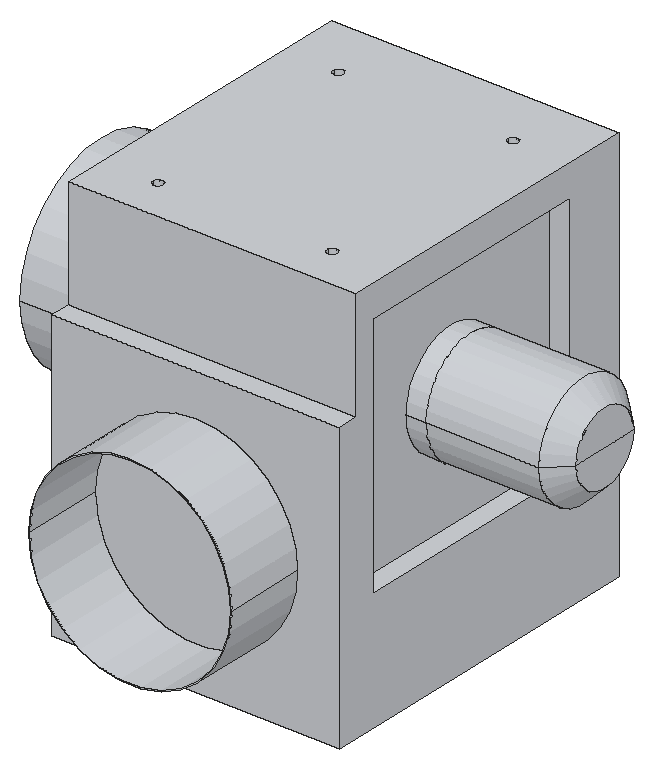
Revit family "INGPV-L03-10", category Generic Models, host Face, Revit 2019
Family settings
  Host = Face
  Can host rebar = No
  Round Connector Dimension = Use Diameter
  Part Type = Normal
  Cut with Voids When Loaded = No
  Shared = No
  Room Calculation Point = No
Parameters
  Default Elevation = 48.00"
Reference planes (in)
  plane 1 "Center (Front/Back)": y = 0
  plane 2: z = 0
  plane 3 "Center (Left/Right)": x = 0
Forms (in)
  Extrusion 1, solid
    sketch origin (0, 0, 0) x (1, 0, 0) y (0, 1, 0)
      loop
        line (-7, 14) -> (-7, -3) -> (7, -3) -> (7, 14) -> (-7, 14)
    from 0 to 19.375
  Extrusion 2, void
    sketch origin (0, 0, 0) x (1, 0, 0) y (0, 1, 0)
      loop
        line (-7, -2) -> (-7, -3) -> (7, -3) -> (7, -2) -> (-7, -2)
    from 14 to 19.375
  Extrusion 3, solid
    sketch origin (0, 0, 0) x (1, 0, 0) y (0, 0, 1)
      loop
        circle (0, 7) r 4.9375
      loop
        circle (0, 7) r 4.9015
    from 3 to 7
  Extrusion 4, solid
    sketch origin (2.5, -4.1182, 12.6875) x (0, 1, 0) y (0, 0, -1)
      loop
        circle (9.1182, 0.8125) r 4.9375
      loop
        circle (9.1182, 0.8125) r 4.8975
    from 9.5 to 13.5
  Revolve 5, solid
    sketch origin (0.5, 5, 11.875) x (1, 0, 0) y (0, 1, 0)
      loop
        line (12, 2.75) -> (5.5, 2.75) -> (5.5, 0) -> (13, 0) -> (13, 1.75) -> (12, 2.75)
      axis (13, 0) -> (5.5, 0)
    angle from 0 to 360
  Extrusion 6, void
    sketch origin (7, 9, 0) x (0, 1, 0) y (0, 0, -1)
      loop
        line (-10, -17.875) -> (2, -17.875) -> (2, -5.875) -> (-10, -5.875) -> (-10, -17.875)
      loop
        circle (-4, -11.875) r 2.75
    from 0 to 1
  Extrusion 7, void
    sketch origin (0, 0, 19.375) x (0, 1, 0) y (1, 0, 0)
      loop
        circle (11, -4.25) r 0.25
      loop
        circle (11, 4.25) r 0.25
      loop
        circle (0, -4.25) r 0.25
      loop
        circle (0, 4.25) r 0.25
    from 0 to 0.5
  Extrusion 8, void
    sketch origin (0, 0, 0) x (-1, 0, 0) y (0, -1, 0)
      loop
        circle (5.905, -12.625) r 0.25
      loop
        circle (-5.905, -12.625) r 0.25
      loop
        circle (-5.905, 1.625) r 0.25
      loop
        circle (5.905, 1.625) r 0.25
    from 0 to 0.5
Cuts and joins
  Extrusion 2, Extrusion 6, Extrusion 7, Extrusion 8 cuts Extrusion 1
  Extrusion 6, Extrusion 8 cuts Revolve 5
  joined: Extrusion 1, Revolve 5
Dimensions and locks (in)
  aligned and locked: plane 2 to host face
  aligned and locked: level to host face
Connectors (in)
  hvac at (0, -7, 7)
    settings: on Extrusion 3, index 1, duct flow 0 CFM, flow factor 0, pres drop 0.00 in-wg, loss coef 0, conn angle 0.00°, conn width 12", conn height 12", conn diameter 9.88", duct sys type 1, conn prof type 0, flow config 0, flow direction 0, loss method 0, conn ref index -1, conn util no, is conn primary yes, conn desc ""
  hvac at (-11, 5, 11.875)
    settings: on Extrusion 4, index 2, duct flow 0 CFM, flow factor 0, pres drop 0.00 in-wg, loss coef 0, conn angle 0.00°, conn width 12", conn height 12", conn diameter 9.88", duct sys type 1, conn prof type 0, flow config 0, flow direction 0, loss method 0, conn ref index -1, conn util no, is conn primary no, conn desc ""
